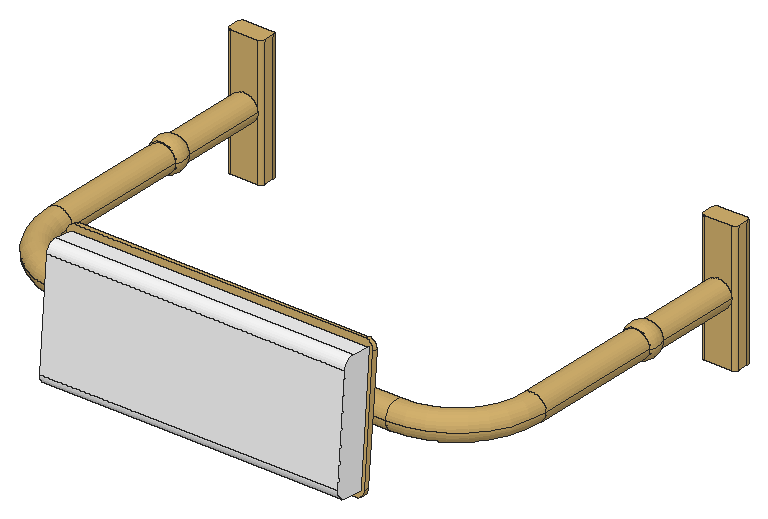
Revit family "RBA4805-601", category Plumbing Fixtures, Revit 2021
Family settings
  Round Connector Dimension = Use Diameter
  Part Type = Normal
  Work Plane-Based = No
  Always vertical = Yes
  Cut with Voids When Loaded = No
  Shared = No
  Room Calculation Point = No
Parameters
  Watermarked By = "www.rba.com.au"
  URL = "rba.com.au"
  Phone Number = ""
  OFFSET = 600.00 mm
  Modified Issue = ""
  Model = "RBA4805-601"
  Materials and Finishes = PVD Brushed Brass #304 Stainless Steel Rail, White Polyurethane Pad
  Manufacturer = "RBA Group"
  Description = "Accessible Compliant Backrest | PVD Brushed Brass"
  Default Elevation = 0.00 mm
  Copyright by = "RBA Group"  # constant formula
  Assembly Code = ""
  Accessible Compliant = "AS1428.1-2009 Compliant"
Reference planes
  plane 1 "Center (Front/Back)": y = 0
  plane 2: z = 0
  plane 3 "Center (Left/Right)": x = 40.5
  plane 4: z = 600
  plane 5: x = 621.5
  plane 6: x = 56.5
  plane 7: z = 695.461
  plane 8: z = 663.461
  plane 9: y = 0
  plane 10: y = -405
Forms (mm)
  Extrusion 1, solid, material "PVD Brushed Brass #304 Stainless Steel Rail, White Polyurethane Pad" <- "Materials and Finishes"
    sketch origin (-996, 0, 0) x (1, 0, 0) y (0, 1, 0)
      loop
        line (1057.5, -17) -> (1057.5, -5)
        arc (1057.5, -5) -> (1056.036, -1.464) -> (1052.5, 0) r 5
        line (1052.5, 0) -> (1020.5, 0)
        arc (1020.5, 0) -> (1016.964, -1.464) -> (1015.5, -5) r 5
        line (1015.5, -5) -> (1015.5, -17)
        arc (1015.5, -17) -> (1016.964, -20.536) -> (1020.5, -22) r 5
        line (1020.5, -22) -> (1052.5, -22)
        arc (1052.5, -22) -> (1056.036, -20.536) -> (1057.5, -17) r 5
      loop
        line (1622.5, -17) -> (1622.5, -5)
        arc (1622.5, -5) -> (1621.036, -1.464) -> (1617.5, 0) r 5
        line (1617.5, 0) -> (1585.5, 0)
        arc (1585.5, 0) -> (1581.964, -1.464) -> (1580.5, -5) r 5
        line (1580.5, -5) -> (1580.5, -17)
        arc (1580.5, -17) -> (1581.964, -20.536) -> (1585.5, -22) r 5
        line (1585.5, -22) -> (1617.5, -22)
        arc (1617.5, -22) -> (1621.036, -20.536) -> (1622.5, -17) r 5
    from 602.672 to 756.672
  Sweep 2, solid, material "PVD Brushed Brass #304 Stainless Steel Rail, White Polyurethane Pad" <- "Materials and Finishes"
    path origin (-996, 0, 0) x (1, 0, 0) y (0, 1, 0)
      loop
        line (1036.5, -22) -> (1036.5, -299)
        arc (1036.5, -299) -> (1062.86, -362.64) -> (1126.5, -389) r 90
        line (1126.5, -389) -> (1511.5, -389)
        arc (1511.5, -389) -> (1575.14, -362.64) -> (1601.5, -299) r 90
        line (1601.5, -299) -> (1601.5, -22)
    profile origin (40.5, -160.5, 0) x (1, 0, 0) y (0, 0, 1)
      loop
        circle (0, 679.461) r 16
  Extrusion 3, solid, material "Polyurethane White"
    sketch origin (-955.5, 0, 0) x (0, 0, 1) y (0, -1, 0)
      loop
        line (746.865, 447.076) -> (622.679, 457.941)
        arc (622.679, 457.941) -> (613.977, 455.197) -> (609.763, 447.104) r 11.922
        line (609.763, 447.104) -> (607.719, 423.731) -> (755.657, 410.788) -> (757.702, 434.161)
        arc (757.702, 434.161) -> (754.958, 442.863) -> (746.865, 447.076) r 11.922
    from 1101 to 1456
  Extrusion 4, solid, material "PVD Brushed Brass #304 Stainless Steel Rail, White Polyurethane Pad" <- "Materials and Finishes"
    sketch origin (-996, -227.597, -18.884) x (1, 0, 0) y (0, 0.087156, 0.996195)
      loop
        line (1136.5, 753.376) -> (1136.5, 609.376)
        arc (1136.5, 609.376) -> (1139.429, 602.305) -> (1146.5, 599.376) r 10
        line (1146.5, 599.376) -> (1491.5, 599.376)
        arc (1491.5, 599.376) -> (1498.571, 602.305) -> (1501.5, 609.376) r 10
        line (1501.5, 609.376) -> (1501.5, 753.376)
        arc (1501.5, 753.376) -> (1498.571, 760.447) -> (1491.5, 763.376) r 10
        line (1491.5, 763.376) -> (1146.5, 763.376)
        arc (1146.5, 763.376) -> (1139.429, 760.447) -> (1136.5, 753.376) r 10
    from 245 to 250
  Extrusion 5, solid, material "PVD Brushed Brass #304 Stainless Steel Rail, White Polyurethane Pad" <- "Materials and Finishes"
    sketch origin (-955.5, 0, 0) x (0, 0, 1) y (0, -1, 0)
      loop
        line (630.777, 411.213) -> (730.775, 402.464) -> (731.251, 407.904) -> (631.253, 416.653) -> (630.777, 411.213)
    from 1121 to 1434.132
  Revolve 6, solid, material "PVD Brushed Brass #304 Stainless Steel Rail, White Polyurethane Pad" <- "Materials and Finishes"
    sketch origin (205.5, 0, 0) x (0, 0, 1) y (0, -1, 0)
      loop
        line (679.461, 391.81) -> (689.423, 390.938) -> (690.295, 400.9) -> (700.257, 400.029) -> (700.7, 405.096) -> (680.776, 406.839) -> (679.461, 391.81)
      axis (679.461, 391.81) -> (680.776, 406.839)
    angle from 0 to 360
  Revolve 7, solid, material "PVD Brushed Brass #304 Stainless Steel Rail, White Polyurethane Pad" <- "Materials and Finishes"
    sketch origin (440.5, 0, 0) x (0, 0, 1) y (0, -1, 0)
      loop
        line (679.461, 391.81) -> (689.423, 390.938) -> (690.295, 400.9) -> (700.257, 400.029) -> (700.7, 405.096) -> (680.776, 406.839) -> (679.461, 391.81)
      axis (679.461, 391.81) -> (680.776, 406.839)
    angle from 0 to 360
  Revolve 8, solid, material "PVD Brushed Brass #304 Stainless Steel Rail, White Polyurethane Pad" <- "Materials and Finishes"
    sketch origin (-16, 0, 679.461) x (1, 0, 0) y (0, 1, 0)
      loop
        line (56.5, -125) -> (39.667, -125)
        arc (39.667, -125) -> (36.988, -135) -> (39.667, -145) r 20
        line (39.667, -145) -> (56.5, -145) -> (56.5, -125)
      axis (56.5, -145) -> (56.5, -125)
    angle from 0 to 360
  Revolve 9, solid, material "PVD Brushed Brass #304 Stainless Steel Rail, White Polyurethane Pad" <- "Materials and Finishes"
    sketch origin (549, 0, 679.461) x (1, 0, 0) y (0, 1, 0)
      loop
        line (56.5, -125) -> (39.667, -125)
        arc (39.667, -125) -> (36.988, -135) -> (39.667, -145) r 20
        line (39.667, -145) -> (56.5, -145) -> (56.5, -125)
      axis (56.5, -145) -> (56.5, -125)
    angle from 0 to 360
Dimensions and locks
  "OFFSET": plane 4 to plane 2
  plane 4 to level = 600.00 mm
Automatic sketch dimensions
  plane 1 "Center (Front/Back)" to Extrusion 1 sketch curve = 0.00 mm  (x2)
  Extrusion 1 sketch curve to plane 6 = 0.00 mm  (x2)
  Extrusion 1 sketch curve to plane 5 = 0.00 mm  (x2)
  Extrusion 1 sketch curve to plane 3 "Center (Left/Right)" = 16.00 mm  (x2)
  Extrusion 1 sketch curve to Extrusion 1 sketch curve = 5.00 mm  (x3)
  plane 1 "Center (Front/Back)" to Extrusion 1 sketch curve = 5.00 mm  (x2)
  Extrusion 1 sketch curve to plane 5 = 37.00 mm
  Extrusion 1 sketch curve to Extrusion 1 sketch curve = 12.00 mm  (x2)
  Sweep 2 sketch curve to plane 3 "Center (Left/Right)" = 0.00 mm
  Sweep 2 sketch curve to plane 6 = 74.00 mm
  Sweep 2 sketch curve to plane 5 = 106.00 mm
  Sweep 2 sketch curve to plane 5 = 16.00 mm
  plane 1 "Center (Front/Back)" to Sweep 2 sketch curve = 389.00 mm
  plane 1 "Center (Front/Back)" to Sweep 2 sketch curve = 22.00 mm  (x2)
  profile plane to Sweep 2 sketch curve = 0.00 mm
  profile plane to Sweep 2 sketch curve = 679.461 mm
  plane 4 to Extrusion 3 sketch curve = 7.719 mm
  plane 4 to Extrusion 3 sketch curve = 9.763 mm
  Extrusion 3 sketch curve to Extrusion 3 sketch curve = 11.876 mm  (x2)
  Extrusion 3 sketch curve to Extrusion 3 sketch curve = 1.039 mm  (x4)
  Extrusion 3 sketch curve to plane 7 = 50.364 mm
  Extrusion 3 sketch curve to Extrusion 3 sketch curve = 9.832 mm
  plane 1 "Center (Front/Back)" to Extrusion 3 sketch curve = 410.788 mm
  Extrusion 3 sketch curve to Extrusion 3 sketch curve = 12.943 mm
  Extrusion 4 sketch curve to plane 6 = 84.00 mm
  Extrusion 4 sketch curve to Extrusion 4 sketch curve = 10.00 mm  (x3)
  Extrusion 4 sketch curve to plane 5 = 126.00 mm  (x2)
  Extrusion 4 sketch curve to Extrusion 4 sketch curve = 144.00 mm
  plane 4 to Extrusion 5 sketch curve = 30.777 mm
  Extrusion 5 sketch curve to Extrusion 5 sketch curve = 0.476 mm
  Extrusion 5 sketch curve to plane 7 = 35.314 mm
  plane 1 "Center (Front/Back)" to Extrusion 5 sketch curve = 402.464 mm
  Extrusion 5 sketch curve to Extrusion 5 sketch curve = 5.44 mm
  plane 7 to Revolve 6 sketch curve = 16.00 mm
  plane 7 to Revolve 6 sketch curve = 14.685 mm
  plane 7 to Revolve 6 sketch curve = 6.038 mm
  plane 7 to Revolve 6 sketch curve = 5.166 mm
  Revolve 6 sketch curve to plane 7 = 4.795 mm
  plane 1 "Center (Front/Back)" to Revolve 6 sketch curve = 390.938 mm
  Revolve 6 sketch curve to Revolve 6 sketch curve = 0.872 mm
  Revolve 6 sketch curve to plane 1 "Center (Front/Back)" = 0.001 mm
  plane 8 to Revolve 6 sketch curve = 18.279 mm
  plane 7 to Revolve 6 sketch curve = 10.209 mm
  Revolve 6 sketch curve to Revolve 6 sketch curve = 51.161 mm
  plane 7 to Revolve 7 sketch curve = 16.00 mm
  plane 7 to Revolve 7 sketch curve = 14.685 mm
  plane 7 to Revolve 7 sketch curve = 6.038 mm
  plane 7 to Revolve 7 sketch curve = 5.166 mm
  Revolve 7 sketch curve to plane 7 = 4.795 mm
  plane 1 "Center (Front/Back)" to Revolve 7 sketch curve = 390.938 mm
  Revolve 7 sketch curve to Revolve 7 sketch curve = 0.872 mm
  Revolve 7 sketch curve to plane 1 "Center (Front/Back)" = 0.001 mm
  plane 8 to Revolve 7 sketch curve = 18.279 mm
  plane 7 to Revolve 7 sketch curve = 10.209 mm
  Revolve 7 sketch curve to Revolve 7 sketch curve = 51.161 mm
  Revolve 8 sketch curve to plane 3 "Center (Left/Right)" = 0.00 mm  (x2)
  Revolve 8 sketch curve to plane 3 "Center (Left/Right)" = 16.833 mm  (x2)
  plane 3 "Center (Left/Right)" to Revolve 8 sketch curve = 0.488 mm
  plane 1 "Center (Front/Back)" to Revolve 8 sketch curve = 145.00 mm
  Revolve 8 sketch curve to Revolve 8 sketch curve = 10.00 mm
  Revolve 8 sketch curve to Revolve 8 sketch curve = 0.00 mm
  Revolve 8 sketch curve to Revolve 8 sketch curve = 15.00 mm
  Revolve 9 sketch curve to plane 5 = 32.833 mm
  Revolve 9 sketch curve to Revolve 9 sketch curve = 0.00 mm  (x3)
  Revolve 9 sketch curve to plane 5 = 16.00 mm
  Revolve 9 sketch curve to Revolve 9 sketch curve = 0.488 mm
  plane 1 "Center (Front/Back)" to Revolve 9 sketch curve = 145.00 mm
  Revolve 9 sketch curve to Revolve 9 sketch curve = 10.00 mm
  Revolve 9 sketch curve to Revolve 9 sketch curve = 15.00 mm
  radius of Sweep 2 sketch curve = 16.00 mm
